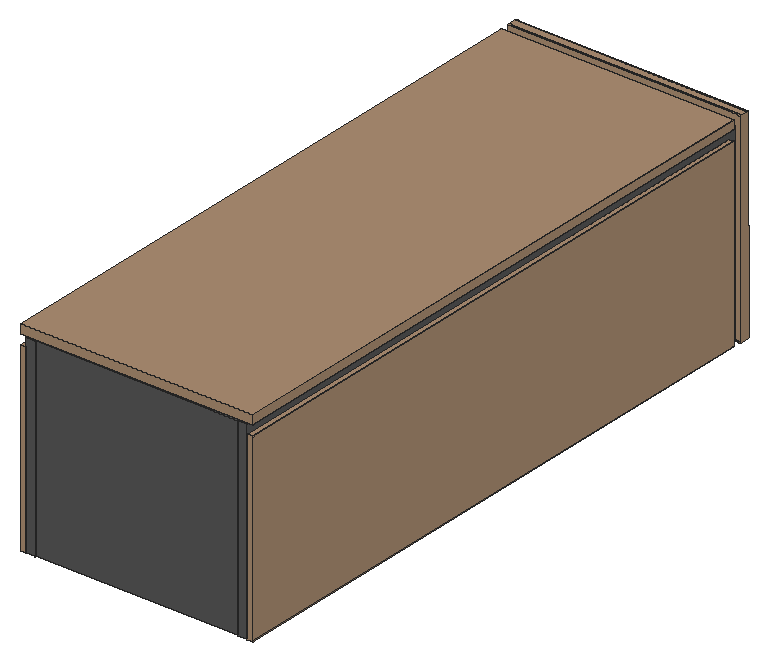
Revit family "Sanitary_Compound-Units_hansgrohe_54283XXX-Xilesa-E-Mid-height-cabinet_400-350_hinge-left", category Furniture, host Face, Revit 2022
Family settings
  Host = Face
  OmniClass Number = 23.21.19.15.33.13
  OmniClass Title = Residential Bathroom Specialty Casework
  Cut with Voids When Loaded = No
  Render Appearance Source = Family Geometry
  Shared = No
  Room Calculation Point = No
Parameters (values of type "550 Cashmere Oak")
  Version = 1  # constant formula
  URL = "https://www.hansgrohe.com/"
  Product data url = "https://www.bimobject.com/en/hansgrohe/product/54283XXX"
  Product Page URL = "https://www.hansgrohe.com/articledetail--54283550"
  Model = "54283XXX"  # constant formula
  Material 3 = Hansgrohe - Metal - Black
  Material 2 = Hansgrohe - MDF - Matt Black
  Material 1 = Hansgrohe - MDF - 550 Cashmere Oak (vertical)
  Manufacturer = "Hansgrohe"  # constant formula
  Height = 0 mm
  Description = "Xilesa E Mid-height cabinet 400/350, door hinge left"  # constant formula
  Default Elevation = 0 mm
  Date Updated = ""
  Date Created = "2024/02/03"  # constant formula
Types (5, lengths in mm): name | Material 1
  (no name) | Hansgrohe - MDF - 550 Cashmere Oak (vertical)
  550 Cashmere Oak | Hansgrohe - MDF - 550 Cashmere Oak (vertical)
  700 Matt White | Hansgrohe - MDF - 700 Matt White
  760 Slate Matt Grey | Hansgrohe - MDF - 760 Slate Matt Grey
  780 Sand Matt Beige | Hansgrohe - MDF - 780 Sand Matt Beige
Reference planes
  plane 1 "Center (Front/Back)": y = 0
  plane 2: z = 0
  plane 3 "Center (Left/Right)": x = 0
  plane 4: x = -200
  plane 5: x = 200
  plane 6: y = -1065
  plane 7: z = 350
Dimensions and locks
  aligned and locked: plane 2 to host face
  aligned and locked: level to host face
Nested families
  nested 1: "54283XXX" at (0, -1065, 0) x (1, 0, 0) z (0, 1, 0), Material 1 <- "Material 1", Material 2 <- "Material 2", Material 3 <- "Material 3", type "54283XXX"
    with Material 3 Hansgrohe - Metal - Black, Material 2 Hansgrohe - MDF - Matt Black, Material 1 Hansgrohe - MDF - 550 Cashmere Oak (vertical)
Definition of nested family "54283XXX"
  Parameters (values of type "54283XXX")
    Version = 1  # constant formula
    URL = "https://www.hansgrohe.com/"
    Product data url = "https://www.bimobject.com/en/hansgrohe/product/54283XXX"
    Product Page URL = "https://www.hansgrohe.com/articledetail--54283550"
    Model = "54283XXX"  # constant formula
    Material 3 [instance] = none
    Material 2 [instance] = none
    Material 1 [instance] = none
    Manufacturer = "Hansgrohe"  # constant formula
    Description = "Xilesa E Mid-height cabinet 400/350, door hinge left"  # constant formula
    Default Elevation = 1219.2 mm
    Date Updated = ""
    Date Created = "2024/12/16"  # constant formula
  Reference planes
    plane 1 "Center (Front/Back)": y = 0
    plane 2: z = 0
    plane 3 "Center (Left/Right)": x = 0
  Forms (mm)
    Extrusion 1, solid, material <- "Material 1", detail levels medium+fine
      sketch origin (0, 0, 0) x (1, 0, 0) y (0, 1, 0)
        loop
          line (-190.6, 0) -> (-199.2, 0)
          arc (-199.2, 0) -> (-199.766, -0.234) -> (-200, -0.8) r 0.8
          line (-200, -0.8) -> (-200, -315.9)
          arc (-200, -315.9) -> (-199.766, -316.466) -> (-199.2, -316.7) r 0.8
          line (-199.2, -316.7) -> (-190.6, -316.7)
          arc (-190.6, -316.7) -> (-190.034, -316.466) -> (-189.8, -315.9) r 0.8
          line (-189.8, -315.9) -> (-189.8, -0.8)
          arc (-189.8, -0.8) -> (-190.034, -0.234) -> (-190.6, 0) r 0.8
        loop
          arc (190.6, 0) -> (190.034, -0.234) -> (189.8, -0.8) r 0.8
          line (189.8, -0.8) -> (189.8, -315.9)
          arc (189.8, -315.9) -> (190.034, -316.466) -> (190.6, -316.7) r 0.8
          line (190.6, -316.7) -> (199.2, -316.7)
          arc (199.2, -316.7) -> (199.766, -316.466) -> (200, -315.9) r 0.8
          line (200, -315.9) -> (200, -0.8)
          arc (200, -0.8) -> (199.766, -0.234) -> (199.2, 0) r 0.8
          line (199.2, 0) -> (190.6, 0)
      from 0 to 1034
    Extrusion 2, solid, material <- "Material 1", detail levels medium+fine
      sketch origin (0, 0, 0) x (1, 0, 0) y (0, 1, 0)
        loop
          line (-199.2, -350) -> (199.2, -350)
          arc (199.2, -350) -> (199.766, -349.766) -> (200, -349.2) r 0.8
          line (200, -349.2) -> (200, -334.5)
          arc (200, -334.5) -> (199.766, -333.935) -> (199.2, -333.7) r 0.8
          line (199.2, -333.7) -> (-199.2, -333.7)
          arc (-199.2, -333.7) -> (-199.766, -333.935) -> (-200, -334.5) r 0.8
          line (-200, -334.5) -> (-200, -349.2)
          arc (-200, -349.2) -> (-199.766, -349.766) -> (-199.2, -350) r 0.8
      from 0 to 1034
    Extrusion 3, solid, material <- "Material 2", detail levels medium+fine
      sketch origin (0, 0, 0) x (1, 0, 0) y (0, 1, 0)
        loop
          line (-189.8, -0.8) -> (-189.8, -330.9)
          arc (-189.8, -330.9) -> (-189.566, -331.466) -> (-189, -331.7) r 0.8
          line (-189, -331.7) -> (-174.6, -331.7)
          arc (-174.6, -331.7) -> (-174.034, -331.466) -> (-173.8, -330.9) r 0.8
          line (-173.8, -330.9) -> (-173.8, -0.8)
          arc (-173.8, -0.8) -> (-174.034, -0.234) -> (-174.6, 0) r 0.8
          line (-174.6, 0) -> (-189, 0)
          arc (-189, 0) -> (-189.566, -0.234) -> (-189.8, -0.8) r 0.8
        loop
          arc (189.8, -0.8) -> (189.566, -0.234) -> (189, 0) r 0.8
          line (189, 0) -> (174.6, 0)
          arc (174.6, 0) -> (174.034, -0.234) -> (173.8, -0.8) r 0.8
          line (173.8, -0.8) -> (173.8, -330.9)
          arc (173.8, -330.9) -> (174.034, -331.466) -> (174.6, -331.7) r 0.8
          line (174.6, -331.7) -> (189, -331.7)
          arc (189, -331.7) -> (189.566, -331.466) -> (189.8, -330.9) r 0.8
          line (189.8, -330.9) -> (189.8, -0.8)
      from 0 to 1049
    Extrusion 4, solid, material <- "Material 2", detail levels fine
      sketch origin (0, 0, 0) x (1, 0, 0) y (0, 1, 0)
        loop
          line (-173.8, -17) -> (-173.8, -20) -> (173.8, -20) -> (173.8, -17) -> (-173.8, -17)
      from 17 to 1049
    Extrusion 5, solid, material <- "Material 2", detail levels fine
      sketch origin (0, 0, 0) x (1, 0, 0) y (0, 1, 0)
        loop
          line (-173.8, -1) -> (-173.8, -331.7) -> (173.8, -331.7) -> (173.8, -1) -> (-173.8, -1)
      from 0 to 17
    Extrusion 6, solid, material <- "Material 3", detail levels fine
      sketch origin (0, -150, 0) x (1, 0, 0) y (0, 1, 0)
        loop
          line (-172.3, -178.9) -> (-172.3, -161.2) -> (-173.8, -161.2) -> (-173.8, -178.9)
          arc (-173.8, -178.9) -> (-173.126, -180.526) -> (-171.5, -181.2) r 2.3
          line (-171.5, -181.2) -> (171.5, -181.2)
          arc (171.5, -181.2) -> (173.126, -180.526) -> (173.8, -178.9) r 2.3
          line (173.8, -178.9) -> (173.8, -161.2) -> (172.3, -161.2) -> (172.3, -178.9)
          arc (172.3, -178.9) -> (172.066, -179.466) -> (171.5, -179.7) r 0.8
          line (171.5, -179.7) -> (-171.5, -179.7)
          arc (-171.5, -179.7) -> (-172.066, -179.466) -> (-172.3, -178.9) r 0.8
      from 1016.75 to 1046.75
    Extrusion 7, solid, material <- "Material 1", detail levels coarse
      sketch origin (0, 0, 0) x (1, 0, 0) y (0, 1, 0)
        loop
          line (-200, 0) -> (-200, -350) -> (200, -350) -> (200, 0) -> (-200, 0)
      from 0 to 1065
    Extrusion 8, solid, material <- "Material 3", detail levels fine
      sketch origin (-30, -112, 437.999) x (1, 0, 0) y (0, 0, 1)
        loop
          line (-119.8, 482) -> (-119.8, 540)
          arc (-119.8, 540) -> (-120.972, 542.829) -> (-123.8, 544) r 4
          line (-123.8, 544) -> (-138.8, 544)
          arc (-138.8, 544) -> (-141.628, 542.829) -> (-142.8, 540) r 4
          line (-142.8, 540) -> (-142.8, 482)
          arc (-142.8, 482) -> (-141.628, 479.172) -> (-138.8, 478) r 4
          line (-138.8, 478) -> (-123.8, 478)
          arc (-123.8, 478) -> (-120.972, 479.172) -> (-119.8, 482) r 4
      from 218.9 to 221.7
    Extrusion 9, solid, material <- "Material 3", detail levels fine
      sketch origin (-30, -112, 437.999) x (0, 1, 0) y (0, 0, 1)
        loop
          line (-149.706, 520.501) -> (-172.206, 520.501)
          arc (-172.206, 520.501) -> (-175.035, 521.672) -> (-176.206, 524.501) r 4
          line (-176.206, 524.501) -> (-176.206, 532.501)
          arc (-176.206, 532.501) -> (-176.938, 534.268) -> (-178.706, 535.001) r 2.5
          line (-178.706, 535.001) -> (-188.706, 535.001)
          arc (-188.706, 535.001) -> (-190.474, 534.268) -> (-191.206, 532.501) r 2.5
          line (-191.206, 532.501) -> (-191.206, 524.501)
          arc (-191.206, 524.501) -> (-192.378, 521.672) -> (-195.206, 520.501) r 4
          line (-195.206, 520.501) -> (-206.544, 520.501) -> (-206.544, 501.501) -> (-195.206, 501.501)
          arc (-195.206, 501.501) -> (-192.378, 500.329) -> (-191.206, 497.501) r 4
          line (-191.206, 497.501) -> (-191.206, 489.501)
          arc (-191.206, 489.501) -> (-190.474, 487.733) -> (-188.706, 487.001) r 2.5
          line (-188.706, 487.001) -> (-178.706, 487.001)
          arc (-178.706, 487.001) -> (-176.938, 487.733) -> (-176.206, 489.501) r 2.5
          line (-176.206, 489.501) -> (-176.206, 497.501)
          arc (-176.206, 497.501) -> (-175.035, 500.329) -> (-172.206, 501.501) r 4
          line (-172.206, 501.501) -> (-149.706, 501.501)
          arc (-149.706, 501.501) -> (-147.938, 502.233) -> (-147.206, 504.001) r 2.5
          line (-147.206, 504.001) -> (-147.206, 518.001)
          arc (-147.206, 518.001) -> (-147.938, 519.768) -> (-149.706, 520.501) r 2.5
      from -143.8 to -140.45
    Extrusion 10, solid, material <- "Material 3", detail levels fine
      sketch origin (-30, -112, 437.999) x (1, 0, 0) y (0, 1, 0)
        loop
          line (-126.45, -219.2) -> (-130.658, -160.187) -> (-133.066, -160.422) -> (-138.299, -155.486) -> (-138.299, -147.206) -> (-140.45, -147.206) -> (-140.45, -219.2) -> (-126.45, -219.2)
      from 504.25 to 517.75
    Extrusion 11, solid, material <- "Material 3", detail levels fine
      sketch origin (-30, -111.925, -426.001) x (1, 0, 0) y (0, 0, 1)
        loop
          line (-119.8, 482) -> (-119.8, 540)
          arc (-119.8, 540) -> (-120.972, 542.829) -> (-123.8, 544) r 4
          line (-123.8, 544) -> (-138.8, 544)
          arc (-138.8, 544) -> (-141.628, 542.829) -> (-142.8, 540) r 4
          line (-142.8, 540) -> (-142.8, 482)
          arc (-142.8, 482) -> (-141.628, 479.172) -> (-138.8, 478) r 4
          line (-138.8, 478) -> (-123.8, 478)
          arc (-123.8, 478) -> (-120.972, 479.172) -> (-119.8, 482) r 4
      from 218.9 to 221.7
    Extrusion 12, solid, material <- "Material 3", detail levels fine
      sketch origin (-30, -111.925, -426.001) x (0, 1, 0) y (0, 0, 1)
        loop
          line (-149.706, 520.501) -> (-172.206, 520.501)
          arc (-172.206, 520.501) -> (-175.035, 521.672) -> (-176.206, 524.501) r 4
          line (-176.206, 524.501) -> (-176.206, 532.501)
          arc (-176.206, 532.501) -> (-176.938, 534.268) -> (-178.706, 535.001) r 2.5
          line (-178.706, 535.001) -> (-188.706, 535.001)
          arc (-188.706, 535.001) -> (-190.474, 534.268) -> (-191.206, 532.501) r 2.5
          line (-191.206, 532.501) -> (-191.206, 524.501)
          arc (-191.206, 524.501) -> (-192.378, 521.672) -> (-195.206, 520.501) r 4
          line (-195.206, 520.501) -> (-206.544, 520.501) -> (-206.544, 501.501) -> (-195.206, 501.501)
          arc (-195.206, 501.501) -> (-192.378, 500.329) -> (-191.206, 497.501) r 4
          line (-191.206, 497.501) -> (-191.206, 489.501)
          arc (-191.206, 489.501) -> (-190.474, 487.733) -> (-188.706, 487.001) r 2.5
          line (-188.706, 487.001) -> (-178.706, 487.001)
          arc (-178.706, 487.001) -> (-176.938, 487.733) -> (-176.206, 489.501) r 2.5
          line (-176.206, 489.501) -> (-176.206, 497.501)
          arc (-176.206, 497.501) -> (-175.035, 500.329) -> (-172.206, 501.501) r 4
          line (-172.206, 501.501) -> (-149.706, 501.501)
          arc (-149.706, 501.501) -> (-147.938, 502.233) -> (-147.206, 504.001) r 2.5
          line (-147.206, 504.001) -> (-147.206, 518.001)
          arc (-147.206, 518.001) -> (-147.938, 519.768) -> (-149.706, 520.501) r 2.5
      from -143.8 to -140.45
    Extrusion 13, solid, material <- "Material 3", detail levels fine
      sketch origin (-30, -111.925, -426.001) x (1, 0, 0) y (0, 1, 0)
        loop
          line (-126.45, -219.2) -> (-130.658, -160.187) -> (-133.066, -160.422) -> (-138.299, -155.486) -> (-138.299, -147.206) -> (-140.45, -147.206) -> (-140.45, -219.2) -> (-126.45, -219.2)
      from 504.25 to 517.75
    Extrusion 14, solid, material <- "Material 1", detail levels medium+fine
      sketch origin (0, 0, 0) x (0, 1, 0) y (0, 0, 1)
        loop
          line (-349, 1049) -> (-1, 1049)
          arc (-1, 1049) -> (-0.293, 1049.293) -> (0, 1050) r 1
          line (0, 1050) -> (0, 1064)
          arc (0, 1064) -> (-0.293, 1064.707) -> (-1, 1065) r 1
          line (-1, 1065) -> (-349, 1065)
          arc (-349, 1065) -> (-349.707, 1064.707) -> (-350, 1064) r 1
          line (-350, 1064) -> (-350, 1050)
          arc (-350, 1050) -> (-349.707, 1049.293) -> (-349, 1049) r 1
      from -200 to 200
  Lines and regions (mm)
    Masking region 1
      outline origin (0, 0, 0) x (1, 0, 0) y (0, 0, 1)
        loop
          line (0, 1065) -> (-199, 1065)
          arc (-199, 1065) -> (-199.707, 1064.707) -> (-200, 1064) r 1
          line (-200, 1064) -> (-200, 1050)
          arc (-200, 1050) -> (-199.707, 1049.293) -> (-199, 1049) r 1
          line (-199, 1049) -> (-189.8, 1049) -> (-189.8, 1034) -> (-199, 1034)
          arc (-199, 1034) -> (-199.707, 1033.707) -> (-200, 1033) r 1
          line (-200, 1033) -> (-200, 1)
          arc (-200, 1) -> (-199.707, 0.293) -> (-199, 0) r 1
          line (-199, 0) -> (0, 0) -> (199, 0)
          arc (199, 0) -> (199.707, 0.293) -> (200, 1) r 1
          line (200, 1) -> (200, 1033)
          arc (200, 1033) -> (199.707, 1033.707) -> (199, 1034) r 1
          line (199, 1034) -> (189.8, 1034) -> (189.8, 1049) -> (199, 1049)
          arc (199, 1049) -> (199.707, 1049.293) -> (200, 1050) r 1
          line (200, 1050) -> (200, 1064)
          arc (200, 1064) -> (199.707, 1064.707) -> (199, 1065) r 1
          line (199, 1065) -> (0, 1065)
    Masking region 2
      outline origin (0, 0, 0) x (0, 1, 0) y (0, 0, 1)
        loop
          line (-1, 1065) -> (-349, 1065)
          arc (-349, 1065) -> (-349.707, 1064.707) -> (-350, 1064) r 1
          line (-350, 1064) -> (-350, 1050)
          arc (-350, 1050) -> (-349.707, 1049.293) -> (-349, 1049) r 1
          line (-349, 1049) -> (-331.7, 1049) -> (-331.7, 1018.107) -> (-333.7, 1018.317) -> (-333.7, 1033)
          arc (-333.7, 1033) -> (-333.993, 1033.707) -> (-334.7, 1034) r 1
          line (-334.7, 1034) -> (-349, 1034)
          arc (-349, 1034) -> (-349.707, 1033.707) -> (-350, 1033) r 1
          line (-350, 1033) -> (-350, 1)
          arc (-350, 1) -> (-349.707, 0.293) -> (-349, 0) r 1
          line (-349, 0) -> (-334.7, 0)
          arc (-334.7, 0) -> (-333.993, 0.293) -> (-333.7, 1) r 1
          line (-333.7, 1) -> (-333.7, 15.692) -> (-331.7, 15.867) -> (-331.7, 1)
          arc (-331.7, 1) -> (-331.407, 0.293) -> (-330.7, 0) r 1
          line (-330.7, 0) -> (-1, 0)
          arc (-1, 0) -> (-0.293, 0.293) -> (0, 1) r 1
          line (0, 1) -> (0, 1064)
          arc (0, 1064) -> (-0.293, 1064.707) -> (-1, 1065) r 1
    Masking region 3
      outline origin (0, 0, 0) x (1, 0, 0) y (0, 1, 0)
        loop
          line (-199, -350) -> (199, -350)
          arc (199, -350) -> (199.707, -349.707) -> (200, -349) r 1
          line (200, -349) -> (200, -1)
          arc (200, -1) -> (199.707, -0.293) -> (199, 0) r 1
          line (199, 0) -> (-199, 0)
          arc (-199, 0) -> (-199.707, -0.293) -> (-200, -1) r 1
          line (-200, -1) -> (-200, -349)
          arc (-200, -349) -> (-199.707, -349.707) -> (-199, -350) r 1
    symbolic lines, detail levels medium+fine
      curve 1: line (0, -331.7, 1049) -> (0, 0, 1049)
      curve 2: line (0, -333.7, 1018.317) -> (0, -333.7, 15.692)
      curve 3: line (0, -331.7, 15.867) -> (0, -331.7, 1018.107)
      curve 7: line (0, -333.7, 1009.71) -> (0, -331.7, 1009.885)
      curve 8: line (0, -333.7, 24.317) -> (0, -331.7, 24.107)
      curve 9: line (-189.8, 0, 1034) -> (0, 0, 1034)
      curve 11: line (-189.8, 0, 1049) -> (0, 0, 1049)
      curve 12: line (189.8, 0, 1034) -> (0, 0, 1034)
      curve 14: line (189.8, 0, 1049) -> (0, 0, 1049)
    symbolic lines, detail levels fine
      curve 4: line (0, -316.7, 1033) -> (0, -316.7, 0)
      curve 5: line (0, 0, 1034) -> (0, -315.7, 1034)
      curve 6: arc (0, -315.7, 1034) -> (0, -316.407, 1033.707) -> (0, -316.7, 1033) r 1
      curve 10: line (-173.8, 0, 1034) -> (-173.8, 0, 1049)
      curve 13: line (173.8, 0, 1034) -> (173.8, 0, 1049)
  Dimensions and locks
    aligned and locked: level to plane 2
